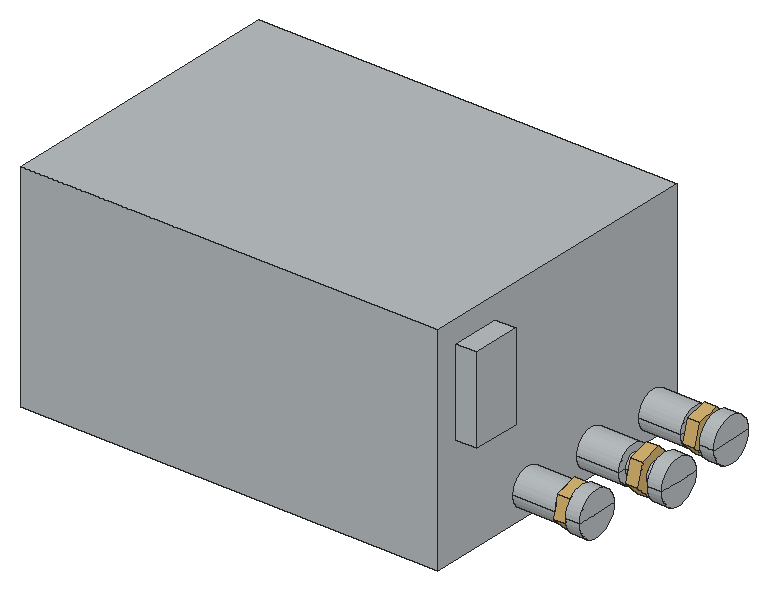
Revit family "bimlib_blokirazvetviteli_vp1_sistemamrv-5-rc_haier", category Оборудование, Revit 2020
Family settings
  Размер круглого соединителя = Использовать диаметр
  Тип детали = Нормальный
  На основе рабочей плоскости = Нет
  Всегда вертикально = Да
  При загрузке вырезать с полостями = Нет
  Общий = Нет
  Точка расчета площади = Нет
Parameters (values of type "VP1-280B_HAIER")
  Частота тока = 50 Hz
  Потребляемая мощность = 28 kW
  Отметка по умолчанию = 0.00 mm
  Изготовитель = [ADSK_Завод-изготовитель]  # "Haier Group"
  Диаметр_Жидкость_Выход = 9.52 mm  # constant formula
  Диаметр_Газ_Выход = 19.05 mm
  Диаметр_Газ_ВыскоеДавление_Выход = 22.22 mm
  Видимость_Зона обслуживания [instance] = no
  Watermark [instance] = "Модели защищены уникальным кодом"
  URL = "www.haier.com"
  Диаметр_Жидкость_Подача = 9.52 mm  # constant formula
  Диаметр_Газ_Подача = 22.22 mm
  HG_URL поставщика = "www.haierproff.ru"
  BL_Разработано = "support@bimlib.pro"
  BL_BIM library = "https://bimlib.pro/manufacturer/company/23806"
  Зона обслуживания_Слева = 400.00 mm
  ADSK_Расход жидкости [instance] = 0.0 L/s
  ADSK_Размер_Ширина = 388.00 mm  # constant formula
  ADSK_Размер_Глубина = 277.00 mm  # constant formula
  ADSK_Размер_Высота = 200.00 mm  # constant formula
  ADSK_Полная мощность = ADSK_Номинальная мощность / ADSK_Коэффициент мощности  # 28000 VA
  ADSK_Обозначение = "VP1"  # constant formula
  ADSK_Номинальная мощность = Потребляемая мощность  # 28000 W
  ADSK_Напряжение = 230 V
  ADSK_Наименование краткое = "VP1 Система MRV 5-RC"  # constant formula
  ADSK_Наименование = "Блоки-разветвители VP1 Система MRV 5-RC (с рекуперацией тепла)"  # constant formula
  ADSK_Масса = 9.3
  ADSK_Коэффициент мощности = 1
  ADSK_Количество фаз = 1
  ADSK_Количество = 1  # constant formula
  ADSK_Код изделия = "VP1-280B"
  ADSK_Классификация нагрузок = ОВК
  ADSK_Завод-изготовитель = "Haier Group"  # constant formula
  ADSK_Единица измерения = "шт."  # constant formula
  ADSK_Группирование = "VP1 Система MRV 5-RC"  # constant formula
  ADSK_Версия Revit = "2017"  # constant formula
  ADSK_URL страницы изделия = ""
  ADSK_URL документации изделия = ""
  Зона обслуживания_Справа = 400.00 mm
Types (3, lengths in mm): name | Потребляемая мощность | Диаметр_Газ_Выход | Диаметр_Газ_ВыскоеДавление_Выход | Диаметр_Газ_Подача | Зона обслуживания_Слева | ADSK_Полная мощность | ADSK_Номинальная мощность | ADSK_Масса | ADSK_Код изделия | Зона обслуживания_Справа
  VP1-112B_HAIER | 11.2 kW | 15.88 | 12.70 | 15.88 | 200.00 | 11200 VA | 11200 W | 8.6 | "VP1-112B" | 200.00
  VP1-180B_HAIER | 11.2 kW | 15.88 | 15.88 | 15.88 | 200.00 | 11200 VA | 11200 W | 8.6 | "VP1-180B" | 200.00
  VP1-280B_HAIER | 28 kW | 19.05 | 22.22 | 22.22 | 400.00 | 28000 VA | 28000 W | 9.3 | "VP1-280B" | 400.00
Reference planes
  plane 1 "По центру (Вперед/Назад)": y = 0
  plane 2 "Низ": z = -15
  plane 3 "По центру (Влево/Вправо)": x = 0
  plane 4 "слева": x = -194
  plane 5 "справа": x = 194
  plane 6 "Верх план": y = 138.5
  plane 7 "Низ план": y = -138.5
  plane 8 "верх": z = 185
  plane 9 "1": z = 10
  plane 10: y = 110.5
  plane 11: y = 38.5
  plane 12: y = -35.5
  plane 13: y = -30.5
  plane 14: y = 93.5
Forms (mm)
  Extrusion 1, solid, material "BIMLIB_Маталлический_Haier", detail levels medium+fine
    sketch origin (0, 0, -15) x (1, 0, 0) y (0, 1, 0)
      loop
        line (-194, 138.5) -> (-194, -138.5) -> (194, -138.5) -> (194, 138.5) -> (-194, 138.5)
    from 0 to 200
  Revolve 2, solid, material "BIMLIB_Маталлический_Haier", detail levels medium+fine
    sketch origin (-47.547, 214.052, 10) x (0, 1, 0) y (-1, 0, 0)
      loop
        line (-86.552, -241.547) -> (-103.552, -241.547) -> (-103.552, -314.547) -> (-83.552, -314.547) -> (-83.552, -301.547) -> (-93.552, -301.547) -> (-93.552, -296.547) -> (-93.552, -281.547) -> (-86.552, -281.547) -> (-86.552, -241.547)
      axis (-103.552, -241.547) -> (-103.552, -314.547)
    angle from 0 to 360
  Revolve 3, solid, material "BIMLIB_Маталлический_Haier", detail levels medium+fine
    sketch origin (-47.547, 142.052, 10) x (0, 1, 0) y (-1, 0, 0)
      loop
        line (-86.552, -241.547) -> (-103.552, -241.547) -> (-103.552, -323.547) -> (-83.552, -323.547) -> (-83.552, -310.547) -> (-93.552, -310.547) -> (-93.552, -301.047) -> (-93.552, -281.547) -> (-86.552, -281.547) -> (-86.552, -241.547)
      axis (-103.552, -241.547) -> (-103.552, -323.547)
    angle from 0 to 360
  Revolve 4, solid, material "BIMLIB_Маталлический_Haier", detail levels medium+fine
    sketch origin (-47.547, 30.052, 10) x (0, 1, 0) y (-1, 0, 0)
      loop
        line (-48.552, -241.547) -> (-65.552, -241.547) -> (-65.552, -306.547) -> (-45.552, -306.547) -> (-45.552, -293.547) -> (-55.552, -293.547) -> (-55.552, -292.547) -> (-55.552, -281.547) -> (-48.552, -281.547) -> (-48.552, -241.547)
      axis (-65.552, -241.547) -> (-65.552, -306.547)
    angle from 0 to 360
  Extrusion 5, solid, material "BIMLIB_Латунь_Haier", detail levels fine
    sketch origin (253.5, 38.5, 10) x (0, 0, -1) y (0, 1, 0)
      loop
        line (14.142, 14.142) -> (-5.176, 19.319) -> (-19.319, 5.176) -> (-14.142, -14.142) -> (5.176, -19.319) -> (19.319, -5.176) -> (14.142, 14.142)
      loop
        circle (0, 0) r 10
    from -11.146 to 0
  Extrusion 6, solid, material "BIMLIB_Латунь_Haier", detail levels fine
    sketch origin (249.146, 110.5, 10) x (0, 0, -1) y (0, 1, 0)
      loop
        line (14.142, 14.142) -> (-5.176, 19.319) -> (-19.319, 5.176) -> (-14.142, -14.142) -> (5.176, -19.319) -> (19.319, -5.176) -> (14.142, 14.142)
      loop
        circle (0, 0) r 10
    from -11.146 to 0
  Extrusion 7, solid, material "BIMLIB_Латунь_Haier", detail levels fine
    sketch origin (245.646, -35.5, 10) x (0, 0, -1) y (0, 1, 0)
      loop
        line (14.142, 14.142) -> (-5.176, 19.319) -> (-19.319, 5.176) -> (-14.142, -14.142) -> (5.176, -19.319) -> (19.319, -5.176) -> (14.142, 14.142)
      loop
        circle (0, 0) r 10
    from -11.146 to 0
  Revolve 8, solid, material "BIMLIB_Маталлический_Haier", detail levels medium+fine
    sketch origin (47.547, 197.052, 10) x (0, 1, 0) y (1, 0, 0)
      loop
        line (-86.552, -241.547) -> (-103.552, -241.547) -> (-103.552, -325.547) -> (-83.552, -325.547) -> (-83.552, -312.547) -> (-93.552, -312.547) -> (-93.552, -296.547) -> (-93.552, -281.547) -> (-86.552, -281.547) -> (-86.552, -241.547)
      axis (-103.552, -241.547) -> (-103.552, -325.547)
    angle from 0 to 360
  Revolve 9, solid, material "BIMLIB_Маталлический_Haier", detail levels medium+fine
    sketch origin (47.547, 35.052, 10) x (0, 1, 0) y (1, 0, 0)
      loop
        line (-48.552, -241.547) -> (-65.552, -241.547) -> (-65.552, -310.547) -> (-45.552, -310.547) -> (-45.552, -297.547) -> (-55.552, -297.547) -> (-55.552, -281.547) -> (-48.552, -281.547) -> (-48.552, -241.547)
      axis (-65.552, -241.547) -> (-65.552, -310.547)
    angle from 0 to 360
  Extrusion 10, solid, material "BIMLIB_Латунь_Haier", detail levels fine
    sketch origin (-255.146, 93.5, 10) x (0, 0, -1) y (0, -1, 0)
      loop
        line (14.142, -14.142) -> (19.319, 5.176) -> (5.176, 19.319) -> (-14.142, 14.142) -> (-19.319, -5.176) -> (-5.176, -19.319) -> (14.142, -14.142)
      loop
        circle (0, 0) r 10
    from -11.146 to 0
  Extrusion 11, solid, material "BIMLIB_Латунь_Haier", detail levels fine
    sketch origin (-248, -30.5, 10) x (0, 0, -1) y (0, -1, 0)
      loop
        line (14.142, -14.142) -> (19.319, 5.176) -> (5.176, 19.319) -> (-14.142, 14.142) -> (-19.319, -5.176) -> (-5.176, -19.319) -> (14.142, -14.142)
      loop
        circle (0, 0) r 10
    from -11.146 to 0
  Extrusion 12, solid, material "BIMLIB_Маталлический_Haier", detail levels fine
    sketch origin (243.5, 43.029, 12.991) x (0, 0, -1) y (0, 1, 0)
      loop
        line (-152.009, -161.529) -> (-72.009, -161.529) -> (-72.009, -116.529) -> (-152.009, -116.529) -> (-152.009, -161.529)
    from -49.5 to -29.5
Lines and regions (mm)
  Masking region 1, detail levels coarse
    outline origin (91.772, 131.064, -15) x (1, 0, 0) y (0, 1, 0)
      loop
        line (-285.772, 7.436) -> (-285.772, -269.564) -> (102.228, -269.564) -> (102.228, 7.436) -> (-285.772, 7.436)
  symbolic lines, style "УГО"
    curve 1: line (-194, 138.5, -15) -> (194, 138.5, -15)
    curve 2: line (194, 138.5, -15) -> (194, -138.5, -15)
    curve 3: line (194, -138.5, -15) -> (-194, -138.5, -15)
    curve 4: line (-194, -138.5, -15) -> (-194, 138.5, -15)
  model lines, style "УГО", detail levels coarse
    curve 5: line (194, 138.5, 185) -> (194, -138.5, 185)
    curve 6: line (194, -138.5, 185) -> (194, -138.5, -15)
    curve 7: line (194, -138.5, -15) -> (194, 138.5, -15)
    curve 8: line (194, 138.5, -15) -> (194, 138.5, 185)
    curve 9: line (-194, -138.5, 185) -> (-194, 138.5, 185)
    curve 10: line (-194, 138.5, 185) -> (-194, 138.5, -15)
    curve 11: line (-194, 138.5, -15) -> (-194, -138.5, -15)
    curve 12: line (-194, -138.5, -15) -> (-194, -138.5, 185)
    curve 13: line (194, 138.5, 185) -> (-194, 138.5, 185)
    curve 14: line (-194, -138.5, 185) -> (194, -138.5, 185)
    curve 15: line (-194, 138.5, -15) -> (194, 138.5, -15)
    curve 16: line (194, -138.5, -15) -> (-194, -138.5, -15)
Dimensions and locks
  "ADSK_Размер_Ширина": plane 4 "слева" to plane 5 "справа"
  equal spacing: plane 6 "Верх план", plane 1 "По центру (Вперед/Назад)", plane 7 "Низ план"
  "ADSK_Размер_Глубина": plane 6 "Верх план" to plane 7 "Низ план"
  "ADSK_Размер_Высота": level to plane 8 "верх"
  plane 7 "Низ план" to nested 2 = 232.00 mm
  plane 8 "верх" to nested 4 = 175.00 mm
  plane 8 "верх" to nested 3 = 175.00 mm
  nested 3 to level = 25.00 mm
  plane 9 "1" to level = 25.00 mm
  nested 4 to level = 25.00 mm
  equal spacing: plane 4 "слева", plane 3 "По центру (Влево/Вправо)", plane 5 "справа"
  locked: plane 9 "1" to level at 25
  plane 10 to plane 7 "Низ план" = 249.00 mm
  plane 11 to plane 7 "Низ план" = 177.00 mm
  plane 12 to plane 7 "Низ план" = 103.00 mm
  plane 13 to plane 7 "Низ план" = 108.00 mm
  plane 14 to plane 7 "Низ план" = 232.00 mm
  aligned and locked: level to plane 2 "Низ"
  aligned and locked: plane 3 "По центру (Влево/Вправо)" to nested 1
  aligned and locked: plane 1 "По центру (Вперед/Назад)" to nested 1
  aligned and locked: plane 4 "слева" to curve 4
  aligned and locked: Masking region 1 to plane 4 "слева"
  aligned and locked: curve 1 to plane 6 "Верх план"
  aligned and locked: curve 2 to plane 5 "справа"
  aligned and locked: plane 5 "справа" to Masking region 1
  aligned and locked: plane 7 "Низ план" to curve 3
  aligned and locked: Masking region 1 to plane 7 "Низ план"
  aligned and locked: Extrusion 1 to level
  aligned and locked: plane 8 "верх" to Extrusion 1
  aligned and locked: plane 6 "Верх план" to Masking region 1
  aligned and locked: Extrusion 1 to plane 7 "Низ план"
  aligned and locked: plane 6 "Верх план" to Extrusion 1
  aligned and locked: Extrusion 1 to plane 4 "слева"
  aligned and locked: plane 5 "справа" to Extrusion 1
  aligned and locked: Revolve 2 to plane 5 "справа"
  aligned and locked: Extrusion 12 to plane 5 "справа"
  aligned and locked: nested 7 to level
  aligned and locked: plane 3 "По центру (Влево/Вправо)" to nested 7
Automatic sketch dimensions
  Masking region 1 sketch curve to plane 4 "слева" = 0.00 mm
  Masking region 1 sketch curve to plane 5 "справа" = 0.00 mm
  Masking region 1 sketch curve to plane 7 "Низ план" = 0.00 mm
  plane 6 "Верх план" to Masking region 1 sketch curve = 0.00 mm
  curve 13 to plane 4 "слева" = 0.00 mm
  curve 14 to plane 4 "слева" = 0.00 mm
  curve 14 to plane 5 "справа" = 0.00 mm
  curve 13 to plane 5 "справа" = 0.00 mm
  curve 14 to plane 7 "Низ план" = 0.00 mm
  curve 13 to plane 6 "Верх план" = 0.00 mm
  curve 16 to plane 4 "слева" = 0.00 mm
  curve 15 to plane 4 "слева" = 0.00 mm
  curve 16 to plane 5 "справа" = 0.00 mm
  curve 15 to plane 5 "справа" = 0.00 mm
  curve 16 to plane 7 "Низ план" = 0.00 mm
  curve 15 to plane 6 "Верх план" = 0.00 mm
  curve 12 to plane 7 "Низ план" = 0.00 mm
  curve 11 to level = 0.00 mm
  curve 11 to plane 6 "Верх план" = 0.00 mm
  curve 10 to plane 8 "верх" = 0.00 mm
  curve 5 to plane 7 "Низ план" = 0.00 mm
  curve 7 to level = 0.00 mm
  curve 7 to plane 6 "Верх план" = 0.00 mm
  curve 6 to plane 8 "верх" = 0.00 mm
  Extrusion 1 sketch curve to plane 4 "слева" = 0.00 mm
  Extrusion 1 sketch curve to plane 5 "справа" = 0.00 mm
  Extrusion 1 sketch curve to plane 7 "Низ план" = 0.00 mm
  Extrusion 1 sketch curve to plane 6 "Верх план" = 0.00 mm
  Revolve 2 sketch curve to plane 5 "справа" = 0.00 mm  (x2)
  Revolve 2 sketch curve to plane 10 = 0.00 mm  (x2)
  plane 10 to Revolve 2 sketch curve = 10.00 mm
  Revolve 2 sketch curve to plane 6 "Верх план" = 11.00 mm
  Revolve 2 sketch curve to plane 6 "Верх план" = 8.00 mm
  plane 5 "справа" to Revolve 2 sketch curve = 40.00 mm
  Revolve 2 sketch curve to Revolve 2 sketch curve = 15.00 mm
  Revolve 2 sketch curve to Revolve 2 sketch curve = 5.00 mm
  Revolve 2 sketch curve to Revolve 2 sketch curve = 13.00 mm
  Revolve 2 sketch curve to Revolve 2 sketch curve = 37.00 mm
  Revolve 3 sketch curve to plane 5 "справа" = 0.00 mm  (x2)
  Revolve 3 sketch curve to plane 11 = 0.00 mm  (x2)
  plane 11 to Revolve 3 sketch curve = 10.00 mm
  plane 11 to Revolve 3 sketch curve = 17.00 mm
  Revolve 3 sketch curve to Revolve 3 sketch curve = 10.00 mm
  plane 5 "справа" to Revolve 3 sketch curve = 40.00 mm
  Revolve 3 sketch curve to Revolve 3 sketch curve = 19.50 mm
  Revolve 3 sketch curve to Revolve 3 sketch curve = 9.50 mm
  Revolve 3 sketch curve to Revolve 3 sketch curve = 13.00 mm
  Revolve 3 sketch curve to Revolve 3 sketch curve = 28.00 mm
  Revolve 4 sketch curve to plane 5 "справа" = 0.00 mm  (x2)
  Revolve 4 sketch curve to plane 12 = 0.00 mm  (x2)
  plane 13 to Revolve 4 sketch curve = 5.00 mm
  Revolve 4 sketch curve to Revolve 4 sketch curve = 7.00 mm
  plane 13 to Revolve 4 sketch curve = 15.00 mm
  Revolve 4 sketch curve to Revolve 4 sketch curve = 40.00 mm
  Revolve 4 sketch curve to Revolve 4 sketch curve = 11.00 mm
  Revolve 4 sketch curve to Revolve 4 sketch curve = 1.00 mm
  Revolve 4 sketch curve to Revolve 4 sketch curve = 13.00 mm
  Revolve 4 sketch curve to Revolve 4 sketch curve = 45.00 mm
  Extrusion 5 sketch curve to Extrusion 5 sketch curve = 0.00 mm  (x2)
  Extrusion 5 sketch curve to plane 9 "1" = 0.00 mm
  Extrusion 5 sketch curve to plane 11 = 0.00 mm
  plane 9 "1" to Extrusion 5 sketch curve = 5.176 mm
  plane 9 "1" to Extrusion 5 sketch curve = 14.142 mm
  plane 11 to Extrusion 5 sketch curve = 5.176 mm
  plane 9 "1" to Extrusion 5 sketch curve = 19.319 mm
  Extrusion 5 sketch curve to plane 9 "1" = 5.176 mm
  level to Extrusion 5 sketch curve = 10.858 mm
  level to Extrusion 5 sketch curve = 5.681 mm
  Extrusion 5 sketch curve to plane 11 = 5.176 mm
  Extrusion 5 sketch curve to plane 11 = 14.142 mm
  Extrusion 5 sketch curve to plane 1 "По центру (Вперед/Назад)" = 19.181 mm
  plane 11 to Extrusion 5 sketch curve = 14.142 mm
  plane 11 to Extrusion 5 sketch curve = 19.319 mm
  Extrusion 5 sketch curve to plane 11 = 10.00 mm
  Extrusion 6 sketch curve to Extrusion 6 sketch curve = 0.00 mm  (x2)
  Extrusion 6 sketch curve to plane 9 "1" = 0.00 mm
  Extrusion 6 sketch curve to plane 10 = 0.00 mm
  plane 9 "1" to Extrusion 6 sketch curve = 5.176 mm
  plane 14 to Extrusion 6 sketch curve = 2.858 mm
  plane 9 "1" to Extrusion 6 sketch curve = 14.142 mm
  plane 10 to Extrusion 6 sketch curve = 5.176 mm
  plane 9 "1" to Extrusion 6 sketch curve = 19.319 mm
  Extrusion 6 sketch curve to plane 14 = 2.319 mm
  Extrusion 6 sketch curve to plane 9 "1" = 5.176 mm
  level to Extrusion 6 sketch curve = 10.858 mm
  level to Extrusion 6 sketch curve = 5.681 mm
  Extrusion 6 sketch curve to plane 10 = 5.176 mm
  Extrusion 6 sketch curve to plane 6 "Верх план" = 13.858 mm
  Extrusion 6 sketch curve to plane 6 "Верх план" = 8.681 mm
  plane 14 to Extrusion 6 sketch curve = 7.00 mm
  Extrusion 7 sketch curve to Extrusion 7 sketch curve = 0.00 mm  (x2)
  Extrusion 7 sketch curve to plane 9 "1" = 0.00 mm
  Extrusion 7 sketch curve to plane 12 = 0.00 mm
  plane 9 "1" to Extrusion 7 sketch curve = 5.176 mm
  plane 9 "1" to Extrusion 7 sketch curve = 14.142 mm
  plane 13 to Extrusion 7 sketch curve = 0.176 mm
  plane 9 "1" to Extrusion 7 sketch curve = 19.319 mm
  Extrusion 7 sketch curve to plane 9 "1" = 5.176 mm
  level to Extrusion 7 sketch curve = 10.858 mm
  level to Extrusion 7 sketch curve = 5.681 mm
  Extrusion 7 sketch curve to plane 12 = 5.176 mm
  Extrusion 7 sketch curve to plane 12 = 14.142 mm
  Extrusion 7 sketch curve to plane 12 = 19.319 mm
  plane 13 to Extrusion 7 sketch curve = 9.142 mm
  plane 13 to Extrusion 7 sketch curve = 14.319 mm
  Extrusion 7 sketch curve to plane 12 = 10.00 mm
  Revolve 8 sketch curve to plane 4 "слева" = 0.00 mm  (x2)
  Revolve 8 sketch curve to plane 14 = 0.00 mm  (x2)
  Revolve 8 sketch curve to plane 10 = 0.00 mm
  plane 10 to Revolve 8 sketch curve = 7.00 mm
  Revolve 8 sketch curve to plane 10 = 3.00 mm
  Revolve 8 sketch curve to Revolve 8 sketch curve = 40.00 mm
  Revolve 8 sketch curve to Revolve 8 sketch curve = 15.00 mm
  Revolve 8 sketch curve to Revolve 8 sketch curve = 16.00 mm
  Revolve 8 sketch curve to Revolve 8 sketch curve = 13.00 mm
  Revolve 8 sketch curve to Revolve 8 sketch curve = 26.00 mm
  Revolve 9 sketch curve to plane 4 "слева" = 0.00 mm  (x2)
  Revolve 9 sketch curve to plane 13 = 0.00 mm  (x2)
  Revolve 9 sketch curve to plane 13 = 10.00 mm
  Revolve 9 sketch curve to Revolve 9 sketch curve = 7.00 mm
  Revolve 9 sketch curve to plane 1 "По центру (Вперед/Назад)" = 10.50 mm
  plane 4 "слева" to Revolve 9 sketch curve = 40.00 mm
  Revolve 9 sketch curve to Revolve 9 sketch curve = 16.00 mm
  Revolve 9 sketch curve to Revolve 9 sketch curve = 13.00 mm
  Revolve 9 sketch curve to Revolve 9 sketch curve = 41.00 mm
  Extrusion 10 sketch curve to Extrusion 10 sketch curve = 0.00 mm  (x2)
  Extrusion 10 sketch curve to plane 9 "1" = 0.00 mm
  Extrusion 10 sketch curve to plane 14 = 0.00 mm
  plane 10 to Extrusion 10 sketch curve = 2.319 mm
  plane 9 "1" to Extrusion 10 sketch curve = 5.176 mm
  plane 9 "1" to Extrusion 10 sketch curve = 14.142 mm
  plane 14 to Extrusion 10 sketch curve = 5.176 mm
  plane 9 "1" to Extrusion 10 sketch curve = 19.319 mm
  Extrusion 10 sketch curve to plane 9 "1" = 5.176 mm
  Extrusion 10 sketch curve to plane 10 = 2.858 mm
  level to Extrusion 10 sketch curve = 10.858 mm
  level to Extrusion 10 sketch curve = 5.681 mm
  Extrusion 10 sketch curve to plane 14 = 5.176 mm
  Extrusion 10 sketch curve to plane 14 = 14.142 mm
  Extrusion 10 sketch curve to plane 14 = 19.319 mm
  Extrusion 10 sketch curve to plane 10 = 7.00 mm
  Extrusion 11 sketch curve to Extrusion 11 sketch curve = 0.00 mm  (x2)
  Extrusion 11 sketch curve to plane 9 "1" = 0.00 mm
  Extrusion 11 sketch curve to plane 13 = 0.00 mm
  plane 9 "1" to Extrusion 11 sketch curve = 5.176 mm
  plane 9 "1" to Extrusion 11 sketch curve = 14.142 mm
  plane 13 to Extrusion 11 sketch curve = 5.176 mm
  plane 9 "1" to Extrusion 11 sketch curve = 19.319 mm
  Extrusion 11 sketch curve to plane 9 "1" = 5.176 mm
  level to Extrusion 11 sketch curve = 10.858 mm
  Extrusion 11 sketch curve to plane 12 = 0.176 mm
  level to Extrusion 11 sketch curve = 5.681 mm
  plane 13 to Extrusion 11 sketch curve = 14.142 mm
  plane 1 "По центру (Вперед/Назад)" to Extrusion 11 sketch curve = 11.181 mm
  Extrusion 11 sketch curve to plane 12 = 9.142 mm
  Extrusion 11 sketch curve to plane 12 = 14.319 mm
  Extrusion 11 sketch curve to Extrusion 11 sketch curve = 10.00 mm
  Extrusion 12 sketch curve to plane 8 "верх" = 20.00 mm
  plane 9 "1" to Extrusion 12 sketch curve = 75.00 mm
  plane 7 "Низ план" to Extrusion 12 sketch curve = 20.00 mm
  Extrusion 12 sketch curve to plane 12 = 38.00 mm
Nested families
  nested 1: "BIMLIB_АннотацияУГО_DB" at (0, 0, 0), type "BIMLIB_АннотацияУГО_DB"
  nested 2: "BIMLIB_КоннекторВращения" at (-278, 93.5, 10.3), Диаметр коннектора <- "Диаметр_Газ_Подача", type "BIMLIB_КоннекторВращения", detail levels medium+fine
    with Диаметр коннектора 22.22 mm, Вращение_ZY 90.00°, Вращение_XY 180.00°, Видимость конектора no, ZX no, ADSK_Материал BIMLIB_Маталлический_Haier
  nested 3: "BIMLIB_КоннекторВращения" at (-263, -30.5, 10), Диаметр коннектора <- "Диаметр_Жидкость_Подача", type "BIMLIB_КоннекторВращения", detail levels medium+fine
    with Диаметр коннектора 9.52 mm, Вращение_ZY 90.00°, Вращение_XY 180.00°, Видимость конектора no, ZX no, ADSK_Материал BIMLIB_Маталлический_Haier
  nested 4: "BIMLIB_КоннекторВращения" at (267, 110.5, 10), Диаметр коннектора <- "Диаметр_Газ_ВыскоеДавление_Выход", type "BIMLIB_КоннекторВращения", detail levels medium+fine
    with Диаметр коннектора 22.22 mm, Вращение_ZY 90.00°, Вращение_XY 0.00°, Видимость конектора no, ZX no, ADSK_Материал BIMLIB_Маталлический_Haier
  nested 5: "BIMLIB_КоннекторВращения" at (276, 38.5, 10), Диаметр коннектора <- "Диаметр_Газ_Выход", type "BIMLIB_КоннекторВращения", detail levels medium+fine
    with Диаметр коннектора 19.05 mm, Вращение_ZY 90.00°, Вращение_XY 0.00°, Видимость конектора no, ZX no, ADSK_Материал BIMLIB_Маталлический_Haier
  nested 6: "BIMLIB_КоннекторВращения" at (259, -35.5, 10), Диаметр коннектора <- "Диаметр_Жидкость_Выход", type "BIMLIB_КоннекторВращения", detail levels medium+fine
    with Диаметр коннектора 9.52 mm, Вращение_ZY 90.00°, Вращение_XY 0.00°, Видимость конектора no, ZX no, ADSK_Материал BIMLIB_Маталлический_Haier
  nested 7: "BIMLIB_ЗонаОбслуживания_DB" at (0, -138.5, 85) x (1, 0, 0) z (0, 1, 0), visible <- "Видимость_Зона обслуживания", Зона обслуживания_Слева <- "Зона обслуживания_Слева", Зона обслуживания_Справа <- "Зона обслуживания_Справа", type "BIMLIB_ЗонаОбслуживания_DB"
    with Зона обслуживания_Справа 400.00 mm, Зона обслуживания_Спереди 1.00 mm, Зона обслуживания_Снизу 1.00 mm, Зона обслуживания_Слева 400.00 mm, Зона обслуживания_Сверху 65.00 mm, ADSK_Размер_Ширина 388.00 mm, ADSK_Размер_Глубина 200.00 mm, ADSK_Размер_Высота 277.00 mm
Connectors
  piping at (-278, 93.5, 10.3), diameter 22.22, driven by "Диаметр_Газ_Подача", driven by "ADSK_Расход жидкости"
    settings: on nested 2, index 2, connector inside diameter 609.6 mm, connector length 0.00 mm, flow factor 0, pipe flow 0.0 L/s, pressure drop 0.0 Pa, fitting loss kfactor 0, connector angle 0.00°, fixture units 0, engagement length 0.00 mm, angle of deflection 0.00°, flow configuration 0, flow direction 1, fitting loss method 0, system type 29, joint type 0, gender type 0, connector reference index 3, connector utility 0, adjustable connector no, is connector primary yes, connector description "Линия газа_Подача"
  piping at (-263, -30.5, 10), diameter 9.52, driven by "Диаметр_Жидкость_Подача", driven by "ADSK_Расход жидкости"
    settings: on nested 3, index 3, connector inside diameter 609.6 mm, connector length 0.00 mm, flow factor 0, pipe flow 0.0 L/s, pressure drop 0.0 Pa, fitting loss kfactor 0, connector angle 0.00°, fixture units 0, engagement length 0.00 mm, angle of deflection 0.00°, flow configuration 0, flow direction 1, fitting loss method 0, system type 29, joint type 0, gender type 0, connector reference index 2, connector utility 0, adjustable connector no, is connector primary no, connector description "Линия жидкости_Подача"
  piping at (267, 110.5, 10), diameter 22.22, driven by "Диаметр_Газ_ВыскоеДавление_Выход", driven by "ADSK_Расход жидкости"
    settings: on nested 4, index 4, connector inside diameter 609.6 mm, connector length 0.00 mm, flow factor 0, pipe flow 0.0 L/s, pressure drop 0.0 Pa, fitting loss kfactor 0, connector angle 0.00°, fixture units 0, engagement length 0.00 mm, angle of deflection 0.00°, flow configuration 0, flow direction 2, fitting loss method 0, system type 29, joint type 0, gender type 0, connector reference index -1, connector utility 0, adjustable connector no, is connector primary no, connector description "Линия газа_Высокое давление_Выход"
  piping at (276, 38.5, 10), diameter 19.05, driven by "Диаметр_Газ_Выход", driven by "ADSK_Расход жидкости"
    settings: on nested 5, index 5, connector inside diameter 609.6 mm, connector length 0.00 mm, flow factor 0, pipe flow 0.0 L/s, pressure drop 0.0 Pa, fitting loss kfactor 0, connector angle 0.00°, fixture units 0, engagement length 0.00 mm, angle of deflection 0.00°, flow configuration 0, flow direction 2, fitting loss method 0, system type 29, joint type 0, gender type 0, connector reference index 6, connector utility 0, adjustable connector no, is connector primary no, connector description "Линия газа_Выход"
  piping at (259, -35.5, 10), diameter 9.52, driven by "Диаметр_Жидкость_Выход", driven by "ADSK_Расход жидкости"
    settings: on nested 6, index 6, connector inside diameter 609.6 mm, connector length 0.00 mm, flow factor 0, pipe flow 0.0 L/s, pressure drop 0.0 Pa, fitting loss kfactor 0, connector angle 0.00°, fixture units 0, engagement length 0.00 mm, angle of deflection 0.00°, flow configuration 0, flow direction 2, fitting loss method 0, system type 29, joint type 0, gender type 0, connector reference index 5, connector utility 0, adjustable connector no, is connector primary no, connector description "Линия жидкости_Выход"
  electrical at (0, 0, -15), driven by "ADSK_Количество фаз", driven by "ADSK_Классификация нагрузок", driven by "ADSK_Напряжение", driven by "ADSK_Полная мощность", driven by "ADSK_Коэффициент мощности"
    settings: on Extrusion 1, index 7, voltage 230 V, apparent load 28000 VA, apparent load phase1 0 VA, apparent load phase2 0 VA, apparent load phase3 0 VA, power factor 1, load classification "ОВК", number of poles 1, system type 30, power factor state 1, is connector primary yes, connector utility no, sub classification motor no, connector description "Электрический соединитель"
Definition of nested family "BIMLIB_ЗонаОбслуживания_DB"
  Parameters (values of type "BIMLIB_ЗонаОбслуживания_Haier")
    Default Elevation = 0.00 mm
    Зона обслуживания_Справа [instance] = 653.266 mm
    Зона обслуживания_Сверху [instance] = 481.574 mm
    Зона обслуживания_Слева [instance] = 454.692 mm
    Зона обслуживания_Снизу [instance] = 622.113 mm
    Зона обслуживания_Спереди [instance] = 760.748 mm
    ADSK_Размер_Ширина = 990.00 mm
    ADSK_Размер_Глубина = 750.00 mm
    ADSK_Размер_Высота = 165.00 mm
  Reference planes
    plane 1 "По центру (Вперед/Назад)": y = 0
    plane 2: z = 0
    plane 3 "По центру (Влево/Вправо)": x = 0
    plane 4: y = 375
    plane 5: y = -375
    plane 6: x = 495
    plane 7: x = -495
    plane 8: x = -949.692
    plane 9: y = 997.113
    plane 10: x = 1148.266
    plane 11: y = -856.574
    plane 12: z = 165
    plane 13: z = 925.748
  Forms (mm)
    Extrusion 1, solid
      sketch origin (0, 0, 0) x (1, 0, 0) y (0, 1, 0)
        loop
          line (-495, 375) -> (-949.692, 375) -> (-949.692, -375) -> (-495, -375) -> (-495, 375)
      from 0 to 165
    Extrusion 2, solid
      sketch origin (0, 0, 0) x (1, 0, 0) y (0, 1, 0)
        loop
          line (-495, -375) -> (-495, -856.574) -> (495, -856.574) -> (495, -375) -> (-495, -375)
      from 0 to 165
    Extrusion 3, solid
      sketch origin (0, 0, 0) x (1, 0, 0) y (0, 1, 0)
        loop
          line (495, 375) -> (495, -375) -> (1148.266, -375) -> (1148.266, 375) -> (495, 375)
      from 0 to 165
    Extrusion 4, solid
      sketch origin (0, 0, 0) x (1, 0, 0) y (0, 1, 0)
        loop
          line (-495, 997.113) -> (-495, 375) -> (495, 375) -> (495, 997.113) -> (-495, 997.113)
      from 0 to 165
    Extrusion 5, solid
      sketch origin (0, 0, 0) x (1, 0, 0) y (0, 0, 1)
        loop
          line (-495, 925.748) -> (-495, 165) -> (495, 165) -> (495, 925.748) -> (-495, 925.748)
      from -375 to 375
  Dimensions and locks
    "ADSK_Размер_Ширина": plane 7 to plane 6
    equal spacing: plane 7, plane 3 "По центру (Влево/Вправо)", plane 6
    equal spacing: plane 4, plane 1 "По центру (Вперед/Назад)", plane 5
    "ADSK_Размер_Глубина": plane 4 to plane 5
    "Зона обслуживания_Слева": plane 8 to plane 7
    "Зона обслуживания_Справа": plane 6 to plane 10
    "Зона обслуживания_Снизу": plane 9 to plane 4
    "Зона обслуживания_Сверху": plane 5 to plane 11
    "ADSK_Размер_Высота": plane 12 to plane 2
    "Зона обслуживания_Спереди": plane 13 to plane 12
    aligned and locked: level to plane 2
    aligned and locked: plane 7 to Extrusion 1
    aligned and locked: plane 4 to Extrusion 1
    aligned and locked: Extrusion 1 to plane 5
    aligned and locked: Extrusion 1 to plane 8
    aligned and locked: Extrusion 3 to plane 5
    aligned and locked: Extrusion 3 to plane 6
    aligned and locked: plane 10 to Extrusion 3
    aligned and locked: Extrusion 2 to plane 6
    aligned and locked: plane 5 to Extrusion 2
    aligned and locked: Extrusion 2 to plane 7
    aligned and locked: Extrusion 2 to plane 11
    aligned and locked: Extrusion 4 to plane 4
    aligned and locked: Extrusion 4 to plane 7
    aligned and locked: plane 6 to Extrusion 4
    aligned and locked: plane 9 to Extrusion 4
    aligned and locked: Extrusion 3 to plane 4
    aligned and locked: plane 12 to Extrusion 1
    aligned and locked: plane 12 to Extrusion 2
    aligned and locked: plane 12 to Extrusion 3
    aligned and locked: plane 12 to Extrusion 4
    aligned and locked: plane 13 to Extrusion 5
    aligned and locked: Extrusion 5 to plane 7
    aligned and locked: Extrusion 5 to plane 12
    aligned and locked: plane 6 to Extrusion 5
    aligned and locked: plane 4 to Extrusion 5
    aligned and locked: Extrusion 5 to plane 5
  Automatic sketch dimensions
    Extrusion 1 sketch curve to plane 4 = 0.00 mm
    plane 5 to Extrusion 1 sketch curve = 0.00 mm
    Extrusion 1 sketch curve to plane 7 = 454.692 mm
    Extrusion 1 sketch curve to plane 7 = 0.00 mm
    plane 8 to Extrusion 2 sketch curve = 454.692 mm
    plane 6 to Extrusion 2 sketch curve = 0.00 mm
    plane 11 to Extrusion 2 sketch curve = 0.00 mm
    Extrusion 2 sketch curve to plane 5 = 0.00 mm
    plane 5 to Extrusion 3 sketch curve = 0.00 mm
    plane 6 to Extrusion 3 sketch curve = 0.00 mm
    Extrusion 3 sketch curve to plane 10 = 0.00 mm
    plane 4 to Extrusion 3 sketch curve = 0.00 mm
    plane 8 to Extrusion 4 sketch curve = 454.692 mm
    Extrusion 4 sketch curve to plane 10 = 653.266 mm
    Extrusion 4 sketch curve to plane 9 = 622.113 mm
    Extrusion 4 sketch curve to plane 9 = 0.00 mm
    plane 7 to Extrusion 5 sketch curve = 0.00 mm
    Extrusion 5 sketch curve to plane 6 = 0.00 mm
    plane 12 to Extrusion 5 sketch curve = 0.00 mm
    Extrusion 5 sketch curve to plane 13 = 0.00 mm
Definition of nested family "BIMLIB_АннотацияУГО_DB"
  Reference planes
    plane 1: y = 0
    plane 2: x = 0
Definition of nested family "BIMLIB_КоннекторВращения"
  Parameters (values of type "BIMLIB_КоннекторВращения")
    Default Elevation = 0.00 mm
    Диаметр коннектора [instance] = 15.00 mm
    Вращение_ZY [instance] = 45.00°
    Вращение_XY [instance] = 90.00°
    Видимость конектора [instance] = yes
    ZX [instance] = no
    ADSK_Материал [instance] = none
  Reference planes
    plane 1 "По центру (Вперед/Назад)": y = 0
    plane 2: z = 0
    plane 3 "По центру (Влево/Вправо)": x = 0
  Dimensions and locks
    aligned and locked: level to plane 2
  Nested families
    nested 1: "Коннекторы_Вращение" at (0, 0, 0) x (-1, 0, 0) z (0, -1, 0), Azx <- "Вращение_XY", ADSK_Материал <- "ADSK_Материал", ZX <- "ZX", type "Коннекторы_Вращение", not visible
      with l 1.00 mm, a 5.00 mm, ZX no, D 10.00 mm, Bzx 0.00°, Azx 90.00°, ADSK_Материал none
    nested 2: "Коннекторы_Вращение" at (0, 0, 0) x (0, 1, 0) z (0, 0, -1), Azx <- "Вращение_ZY", D <- "Диаметр коннектора", ADSK_Материал <- "ADSK_Материал", ZX <- "ZX", visible <- "Видимость конектора", type "Коннекторы_Вращение"
      with l 1.00 mm, a 5.00 mm, ZX no, D 15.00 mm, Bzx -45.00°, Azx 45.00°, ADSK_Материал none
  Definition of nested family "Коннекторы_Вращение"
    Parameters (values of type "Коннекторы_Вращение")
      Default Elevation = 1219.20 mm
      l [instance] = 1.00 mm
      a [instance] = 5.00 mm  # constant formula
      ZX [instance] = yes
      D [instance] = 10.00 mm
      Bzx [instance] = Azx - 90.00°  # 0.00°
      Azx [instance] = 90.00°
      ADSK_Материал [instance] = none
    Reference planes
      plane 1 "По центру (Вперед/Назад)": y = 0
      plane 2: z = 0
      plane 3 "По центру (Влево/Вправо)": x = 0
    Forms (mm)
      Revolve 1, solid, material <- "ADSK_Материал", visible <- "ZX"
        sketch origin (0, -1.377, 0) x (0, 0, -1) y (0, 1, 0)
          loop
            line (0, 6.377) -> (-1, 6.377) -> (-1, 1.377) -> (0, 1.377) -> (0, 6.377)
          axis (0, 6.377) -> (0, 1.377)
        angle from 90 <- "Azx" to 0 <- "Bzx"
      Sweep 2, solid, material <- "ADSK_Материал"
        path in 3D
          loop
            line (0, 0, 0) -> (-1, 0, 0)
        profile origin (-0.5, 0, 0) x (0, 1, 0) y (0, 0, -1)
          loop
            circle (0, 0) r 5
    Lines and regions (mm)
      sketch lines
        curve 1: line (0, 0, 0) -> (-1, 0, 0)
    Dimensions and locks
      "a": Revolve 1 sketch curve to Revolve 1 sketch curve
      "D": diameter of Sweep 2 sketch curve
    Automatic sketch dimensions
      Revolve 1 sketch curve to plane 1 "По центру (Вперед/Назад)" = 0.00 mm  (x2)
      Revolve 1 sketch curve to level = 0.00 mm  (x2)
      level to Revolve 1 sketch curve = 1.00 mm
      Revolve 1 sketch curve to Revolve 1 sketch curve = 0.00 mm
      Sweep 2 sketch curve to profile plane = 0.00 mm
      profile plane to Sweep 2 sketch curve = 0.00 mm
